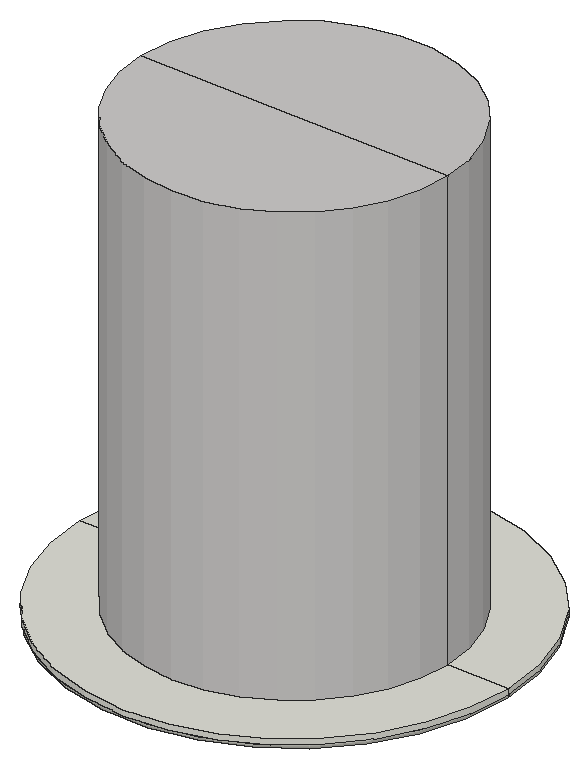
Revit family "Spot Embutido", category Luminárias, Revit 2015
Parameters
  Wattage = 12.1178 W
  Vidro luminoso [instance] = Vidro, Branco, Alta luminosidade
  built-in parameter 1150110 = 1 (stored number, unit not read)
  Metal acabamento = Metal, Acabamento pintado, Branco, Fosco
  Material reflexivo = Aço inoxidável, polido
  Largura = 14 cm
  built-in parameter 1114217 = 1 (stored number, unit not read)
  built-in parameter 1150109 = 1 (stored number, unit not read)
  built-in parameter 1150134 = 3
  built-in parameter 1150113 = 1 (stored number, unit not read)
  Lumens = 1800 lm
  built-in parameter 1010506 = 0.5236 (stored number, unit not read)
  built-in parameter 1010507 = 1.5708 (stored number, unit not read)
  Tilt Angle = 90.00°
  built-in parameter 1150115 = 1 (stored number, unit not read)
  built-in parameter 1150105 = 6018.4 (stored number, unit not read)
  Comprimento do símbolo da fonte luminosa = 150 cm
  built-in parameter 1150137 = (empty or 0)
  built-in parameter 1150139 = (empty or 0)
  built-in parameter 1150112 = 1 (stored number, unit not read)
  built-in parameter 1150114 = 1 (stored number, unit not read)
  built-in parameter 1150132 = (empty or 0)
  built-in parameter 1150102 = (empty or 0)
  built-in parameter 1150138 = (empty or 0)
  built-in parameter 1150107 = 3200 (stored number, unit not read)
  built-in parameter 1150106 = 60.184 (stored number, unit not read)
  built-in parameter 1150104 = 13.8 (stored number, unit not read)
  Dimming Lamp Color Temperature Shift = (empty or 0)
  Color Filter = 16777215
  built-in parameter 1114218 = 1 (stored number, unit not read)
  Altura = 20 cm
  built-in parameter 1150133 = 10 (stored number, unit not read)
Reference planes (cm)
  plane 1 "Eixo de origem da luz (F/T)": y = 0
  plane 2 "Forro": z = 243.84
  plane 3 "Eixo de origem da luz (E/D)": x = 0
  plane 4 "Elevação da origem da luz": z = 247.34
  plane 5: z = 263.84
  plane 6: x = -7
  plane 7: x = 7
Forms (cm)
  Revolve 1, solid, material "Aço inoxidável, polido" <- "Material reflexivo"
    sketch origin (0, 0, 0) x (1, 0, 0) y (0, 0, 1)
      loop
        line (-7, 263.84) -> (-7, 243.84) -> (-6.7, 243.84) -> (-6.7, 263.54) -> (0, 263.54) -> (0, 263.84) -> (-7, 263.84)
      axis (0, 263.84) -> (0, 243.84)
    angle from 0 to 360
  Extrusion 2, solid, material "Vidro, Branco, Alta luminosidade" <- "Vidro luminoso"
    sketch origin (0, 0, 243.84) x (1, 0, 0) y (0, 1, 0)
      loop
        circle (0, 0) r 6.7
    from 0.15 to 0.4
  Revolve 3, solid, material "Metal, Acabamento pintado, Branco, Fosco" <- "Metal acabamento"
    sketch origin (0, 0, 0) x (1, 0, 0) y (0, 0, 1)
      loop
        line (-9.8, 243.84) -> (-9.8, 243.59)
        arc (-9.8, 243.59) -> (-9.7268, 243.4132) -> (-9.55, 243.34) r 0.25
        line (-9.55, 243.34) -> (-7.05, 243.34)
        arc (-7.05, 243.34) -> (-6.8732, 243.4132) -> (-6.8, 243.59) r 0.25
        line (-6.8, 243.59) -> (-6.8, 243.84) -> (-9.8, 243.84)
      axis (0, 243.84) -> (0, 243.34)
    angle from 0 to 360
Lines and regions (cm)
  Opening 1
    outline origin (0, 0, 243.84) x (1, 0, 0) y (0, 1, 0)
      loop
        circle (0, 0) r 7
  symbolic lines
    curve 1: arc (-7, 0, 243.84) -> (0, 7, 243.84) -> (7, 0, 243.84) r 7
    curve 2: arc (7, 0, 243.84) -> (0, -7, 243.84) -> (-7, 0, 243.84) r 7
    curve 3: line (-4.9497, -4.9497, 243.84) -> (4.9497, 4.9497, 243.84)
Text (cm)
  text "0 Ângulo de inclinação" at (-148.2244, 23.6007, 213.36), in view "Nível de referência"
  text "180 Ângulo de inclinação" at (65.3058, 23.6007, 213.36), in view "Nível de referência"
Dimensions and locks (cm)
  equal spacing: host sketch curve, plane 3 "Eixo de origem da luz (E/D)", host sketch curve
  equal spacing: host sketch curve, plane 1 "Eixo de origem da luz (F/T)", host sketch curve
  host sketch curve to host sketch curve = 304.8 cm  (x2)
  imposter light to plane 2 "Forro" = 3.5 cm
  "Altura": plane 5 to plane 2 "Forro"
  equal spacing: plane 7, plane 3 "Eixo de origem da luz (E/D)", plane 6
  "Largura": plane 7 to plane 6
  Extrusion 2 to plane 2 "Forro" = 0.15 cm
  angle imposter light to curve 3 = 45.00°
  aligned and locked: plane 3 "Eixo de origem da luz (E/D)" to imposter light
  aligned and locked: plane 1 "Eixo de origem da luz (F/T)" to imposter light
  aligned and locked: plane 4 "Elevação da origem da luz" to imposter light
  aligned and locked: Revolve 1 sketch curve to plane 6
  aligned and locked: Revolve 1 sketch curve to plane 5
  aligned and locked: Revolve 1 sketch curve to plane 3 "Eixo de origem da luz (E/D)"
  aligned and locked: Revolve 1 sketch curve to plane 2 "Forro"
  aligned and locked: Extrusion 2 sketch curve to Revolve 1  (x2)
  aligned and locked: Revolve 3 sketch curve to plane 2 "Forro"
  aligned and locked: Opening 1 sketch curve to Revolve 1  (x2)
  aligned and locked: curve 1 to Revolve 1
  aligned and locked: curve 2 to Revolve 1
Automatic sketch dimensions
  Revolve 1 sketch curve to plane 3 "Eixo de origem da luz (E/D)" = 0 cm
  plane 6 to Revolve 1 sketch curve = 0.3 cm
  Revolve 1 sketch curve to plane 5 = 0.3 cm
  Revolve 1 sketch curve to plane 2 "Forro" = 6 cm
  Revolve 1 sketch curve to Revolve 1 sketch curve = 7.5 cm
  Revolve 3 sketch curve to plane 3 "Eixo de origem da luz (E/D)" = 0 cm
  plane 6 to Revolve 3 sketch curve = 0.2 cm
  Revolve 3 sketch curve to plane 6 = 0.05 cm
  Revolve 3 sketch curve to plane 2 "Forro" = 0.5 cm
  Revolve 3 sketch curve to Revolve 3 sketch curve = 2.5 cm
  Revolve 3 sketch curve to Revolve 3 sketch curve = 0.25 cm
  Revolve 3 sketch curve to plane 2 "Forro" = 2.3468 cm
  plane 4 "Elevação da origem da luz" to Revolve 3 sketch curve = 1 cm
  plane 7 to curve 3 = 2.0503 cm
